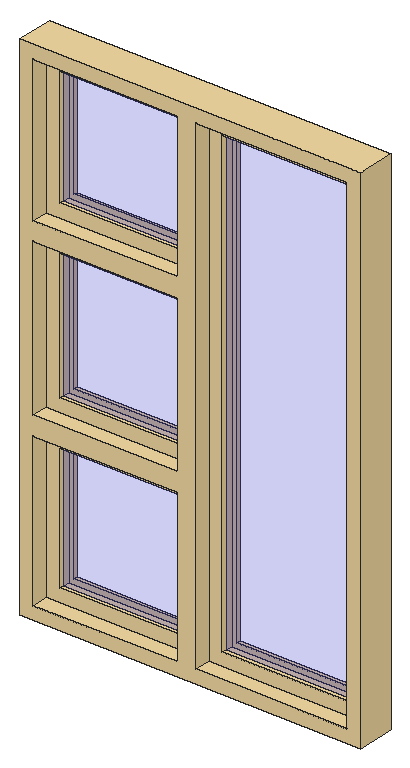
Revit family "4704-COto 62", category Windows, host Wall, Revit 2016
Family settings
  Host = Wall
  OmniClass Number = 23.30.20.00
  OmniClass Title = Windows
  Always vertical = Yes
  Cut with Voids When Loaded = No
  Shared = No
  Room Calculation Point = No
Parameters (values of type "1188x1788mm")
  top 4 [instance] = yes
  top 3 [instance] = yes
  top 2 [instance] = yes
  top 1 [instance] = no
  right 4 [instance] = no
  right 2 [instance] = no
  right 1 [instance] = no
  right 3 [instance] = no
  left 4 [instance] = no
  left 3 [instance] = no
  left 2 [instance] = no
  left 1 [instance] = yes
  Sash 4 [instance] = or(top 4, right 4, left 4)  # yes
  Sash 3 [instance] = or(top 3, right 3, left 3)  # yes
  Sash 2 [instance] = or(top 2, right 2, left 2)  # yes
  Sash 1 [instance] = or(top 1, right 1, left 1)  # yes
  Rough Width = Width + 2 * Joint  # 1212 mm
  Rough Height = Height + 2 * Joint  # 1812 mm
  Offset from wall = 40 mm
  Mullion 3 Placement = 1192 mm
  Mullion 1 Placement = 594 mm
  Mullion 2 Placement = 596 mm
  Manufacturer = "www.kronevinduer.dk"
  Joint = 12 mm
  Height = 1788 mm
  Frame 176mm [instance] = no
  Frame 157mm [instance] = no
  Default Sill Height = 800 mm
  Wall Closure = By host
  Width = 1188 mm
Reference planes
  plane 1 "Center (Front/Back)": y = 0
  plane 2 "Center (Left/Right)": x = 0
  plane 3 "Left": x = -594
  plane 4 "Right": x = 594
  plane 5 "Sill": z = 800
  plane 6 "Head": z = 2588
  plane 7 "Exterior": y = 100
  plane 8 "Interior": y = -100
  plane 9: y = 60
  plane 10: x = 582
  plane 11: x = -582
  plane 12: z = 812
  plane 13: z = 2576
  plane 14: x = -12
  plane 15: z = 1408
  plane 16: x = 285
  plane 17: x = -297
  plane 18: z = 1110
  plane 19: z = 1694
  plane 20: z = 2004
  plane 21: z = 2290
  plane 22: z = 1706
Forms (mm)
  Sweep 1, solid, material "Wood frame"
    path origin (0, 100, 0) x (1, 0, 0) y (0, 0, 1)
      loop
        line (582, 812) -> (582, 2576) -> (-582, 2576) -> (-582, 812) -> (582, 812)
    profile "COto 62 træ-alu,karm- fast glas 45mm : COto 62 træ-alu,karm- fast glas 45mm" origin (0, 100, 812) x (0, 0, -1) y (0, -1, 0)
      loop
        line (0, 170) -> (-45, 170) -> (-45, 99) -> (-27, 99) -> (-27, 51) -> (-45, 51) -> (-45, 40) -> (0, 40) -> (0, 170)
  Sweep 2, solid, material "Wood frame"
    path origin (0, 100, 0) x (1, 0, 0) y (0, 0, 1)
      loop
        line (-12, 812) -> (-12, 2576)
    profile "COto 62 træ-alu, Post-fast glas 63 mm : COto 62 træ-alu, Post-fast glas 63 mm" origin (-12, 100, 1694) x (-1, 0, 0) y (0, -1, 0)
      loop
        line (31.5, 170) -> (-31.5, 170) -> (-31.5, 99) -> (-13.5, 99) -> (-13.5, 51) -> (-31.5, 51) -> (-31.5, 40) -> (31.5, 40) -> (31.5, 51) -> (13.5, 51) -> (13.5, 99) -> (31.5, 99) -> (31.5, 170)
  Extrusion 3, solid, material "Glass"
    sketch origin (594, 0, 0) x (0, -1, 0) y (0, 0, 1)
      loop
        line (-1, 839) -> (-1, 2549) -> (-49, 2549) -> (-49, 839) -> (-1, 839)
    from 39 to 592.5
  Sweep 4, solid, material "Wood frame", visible <- "Sash 1"
    path origin (0, 100, 0) x (1, 0, 0) y (0, 0, 1)
      loop
        line (555, 839) -> (555, 2549) -> (1.5, 2549) -> (1.5, 839) -> (555, 839)
    profile "COto 62 træ-alu,opluk-ramme : COto 62 træ-alu,opluk-ramme" origin (278.25, 100, 839) x (0, 0, -1) y (0, -1, 0)
      loop
        line (0, 99) -> (-18, 99) -> (-18, 114) -> (-63, 114) -> (-63, 99) -> (-45, 99) -> (-45, 51) -> (-63, 51) -> (-63, 40) -> (0, 40) -> (0, 99)
  Sweep 5, solid, material "Wood frame", visible <- "Frame 157mm"
    path origin (0, 100, 0) x (1, 0, 0) y (0, 0, 1)
      loop
        line (582, 812) -> (582, 2576) -> (-582, 2576) -> (-582, 812) -> (582, 812)
    profile "COto 62 træ-alu,karm- fast glas 45mm-157 : COto 62 træ-alu,karm- fast glas 45mm-157" origin (0, 100, 812) x (0, 0, -1) y (0, -1, 0)
      loop
        line (0, 197) -> (-45, 197) -> (-45, 99) -> (-27, 99) -> (-27, 51) -> (-45, 51) -> (-45, 40) -> (0, 40) -> (0, 197)
  Sweep 6, solid, material "Wood frame", visible <- "Frame 157mm"
    path origin (0, 100, 0) x (1, 0, 0) y (0, 0, 1)
      loop
        line (-12, 2576) -> (-12, 812)
    profile "COto 62 træ-alu, Post-fast glas 63 mm-157 : COto 62 træ-alu, Post-fast glas 63 mm-157" origin (-12, 100, 1694) x (1, 0, 0) y (0, -1, 0)
      loop
        line (31.5, 197) -> (-31.5, 197) -> (-31.5, 99) -> (-13.5, 99) -> (-13.5, 51) -> (-31.5, 51) -> (-31.5, 40) -> (31.5, 40) -> (31.5, 51) -> (13.5, 51) -> (13.5, 99) -> (31.5, 99) -> (31.5, 197)
  Sweep 7, solid, material "Wood frame", visible <- "Frame 176mm"
    path origin (0, 100, 0) x (1, 0, 0) y (0, 0, 1)
      loop
        line (582, 812) -> (582, 2576) -> (-582, 2576) -> (-582, 812) -> (582, 812)
    profile "COto 62 træ-alu,karm- fast glas 45mm-176 : COto 62 træ-alu,karm- fast glas 45mm-176" origin (0, 100, 812) x (0, 0, -1) y (0, -1, 0)
      loop
        line (0, 216) -> (-45, 216) -> (-45, 99) -> (-27, 99) -> (-27, 51) -> (-45, 51) -> (-45, 40) -> (0, 40) -> (0, 216)
  Sweep 8, solid, material "Wood frame", visible <- "Frame 176mm"
    path origin (0, 100, 0) x (1, 0, 0) y (0, 0, 1)
      loop
        line (-12, 2576) -> (-12, 812)
    profile "COto 62 træ-alu, Post-fast glas 63 mm-176 : COto 62 træ-alu, Post-fast glas 63 mm-176" origin (-12, 100, 1694) x (1, 0, 0) y (0, -1, 0)
      loop
        line (31.5, 216) -> (-31.5, 216) -> (-31.5, 99) -> (-13.5, 99) -> (-13.5, 51) -> (-31.5, 51) -> (-31.5, 40) -> (31.5, 40) -> (31.5, 51) -> (13.5, 51) -> (13.5, 99) -> (31.5, 99) -> (31.5, 216)
  Sweep 9, solid, material "Wood frame"
    path origin (0, 100, 0) x (1, 0, 0) y (0, 0, 1)
      loop
        line (-12, 1408) -> (-582, 1408)
    profile "COto 62 træ-alu, Post-fast glas 63 mm : COto 62 træ-alu, Post-fast glas 63 mm" origin (-297, 100, 1408) x (0, 0, -1) y (0, -1, 0)
      loop
        line (31.5, 170) -> (-31.5, 170) -> (-31.5, 99) -> (-13.5, 99) -> (-13.5, 51) -> (-31.5, 51) -> (-31.5, 40) -> (31.5, 40) -> (31.5, 51) -> (13.5, 51) -> (13.5, 99) -> (31.5, 99) -> (31.5, 170)
  Extrusion 10, solid, material "Glass"
    sketch origin (594, 0, 0) x (0, -1, 0) y (0, 0, 1)
      loop
        line (-1, 839) -> (-1, 2549) -> (-49, 2549) -> (-49, 839) -> (-1, 839)
    from 619.5 to 1149
  Sweep 11, solid, material "Wood frame", visible <- "Frame 157mm"
    path origin (0, 100, 0) x (1, 0, 0) y (0, 0, 1)
      loop
        line (-12, 1408) -> (-582, 1408)
    profile "COto 62 træ-alu, Post-fast glas 63 mm-157 : COto 62 træ-alu, Post-fast glas 63 mm-157" origin (-297, 100, 1408) x (0, 0, -1) y (0, -1, 0)
      loop
        line (31.5, 197) -> (-31.5, 197) -> (-31.5, 99) -> (-13.5, 99) -> (-13.5, 51) -> (-31.5, 51) -> (-31.5, 40) -> (31.5, 40) -> (31.5, 51) -> (13.5, 51) -> (13.5, 99) -> (31.5, 99) -> (31.5, 197)
  Sweep 12, solid, material "Wood frame", visible <- "Frame 176mm"
    path origin (0, 100, 0) x (1, 0, 0) y (0, 0, 1)
      loop
        line (-12, 1408) -> (-582, 1408)
    profile "COto 62 træ-alu, Post-fast glas 63 mm-176 : COto 62 træ-alu, Post-fast glas 63 mm-176" origin (-297, 100, 1408) x (0, 0, -1) y (0, -1, 0)
      loop
        line (31.5, 216) -> (-31.5, 216) -> (-31.5, 99) -> (-13.5, 99) -> (-13.5, 51) -> (-31.5, 51) -> (-31.5, 40) -> (31.5, 40) -> (31.5, 51) -> (13.5, 51) -> (13.5, 99) -> (31.5, 99) -> (31.5, 216)
  Sweep 13, solid, material "Wood frame", visible <- "Sash 2"
    path origin (0, 100, 0) x (1, 0, 0) y (0, 0, 1)
      loop
        line (-25.5, 839) -> (-25.5, 1394.5) -> (-555, 1394.5) -> (-555, 839) -> (-25.5, 839)
    profile "COto 62 træ-alu,opluk-ramme : COto 62 træ-alu,opluk-ramme" origin (-290.25, 100, 839) x (0, 0, -1) y (0, -1, 0)
      loop
        line (0, 99) -> (-18, 99) -> (-18, 114) -> (-63, 114) -> (-63, 99) -> (-45, 99) -> (-45, 51) -> (-63, 51) -> (-63, 40) -> (0, 40) -> (0, 99)
  Sweep 14, solid, material "Wood frame"
    path origin (0, 100, 0) x (1, 0, 0) y (0, 0, 1)
      loop
        line (-582, 2004) -> (-12, 2004)
    profile "COto 62 træ-alu, Post-fast glas 63 mm : COto 62 træ-alu, Post-fast glas 63 mm" origin (-297, 100, 2004) x (0, 0, 1) y (0, -1, 0)
      loop
        line (31.5, 170) -> (-31.5, 170) -> (-31.5, 99) -> (-13.5, 99) -> (-13.5, 51) -> (-31.5, 51) -> (-31.5, 40) -> (31.5, 40) -> (31.5, 51) -> (13.5, 51) -> (13.5, 99) -> (31.5, 99) -> (31.5, 170)
  Sweep 15, solid, material "Wood frame", visible <- "Frame 157mm"
    path origin (0, 100, 0) x (1, 0, 0) y (0, 0, 1)
      loop
        line (-582, 2004) -> (-12, 2004)
    profile "COto 62 træ-alu, Post-fast glas 63 mm-157 : COto 62 træ-alu, Post-fast glas 63 mm-157" origin (-297, 100, 2004) x (0, 0, 1) y (0, -1, 0)
      loop
        line (31.5, 197) -> (-31.5, 197) -> (-31.5, 99) -> (-13.5, 99) -> (-13.5, 51) -> (-31.5, 51) -> (-31.5, 40) -> (31.5, 40) -> (31.5, 51) -> (13.5, 51) -> (13.5, 99) -> (31.5, 99) -> (31.5, 197)
  Sweep 16, solid, material "Wood frame", visible <- "Frame 176mm"
    path origin (0, 100, 0) x (1, 0, 0) y (0, 0, 1)
      loop
        line (-582, 2004) -> (-12, 2004)
    profile "COto 62 træ-alu, Post-fast glas 63 mm-176 : COto 62 træ-alu, Post-fast glas 63 mm-176" origin (-297, 100, 2004) x (0, 0, 1) y (0, -1, 0)
      loop
        line (31.5, 216) -> (-31.5, 216) -> (-31.5, 99) -> (-13.5, 99) -> (-13.5, 51) -> (-31.5, 51) -> (-31.5, 40) -> (31.5, 40) -> (31.5, 51) -> (13.5, 51) -> (13.5, 99) -> (31.5, 99) -> (31.5, 216)
  Sweep 17, solid, material "Wood frame", visible <- "Sash 3"
    path origin (0, 100, 0) x (1, 0, 0) y (0, 0, 1)
      loop
        line (-25.5, 1421.5) -> (-25.5, 1990.5) -> (-555, 1990.5) -> (-555, 1421.5) -> (-25.5, 1421.5)
    profile "COto 62 træ-alu,opluk-ramme : COto 62 træ-alu,opluk-ramme" origin (-290.25, 100, 1421.5) x (0, 0, -1) y (0, -1, 0)
      loop
        line (0, 99) -> (-18, 99) -> (-18, 114) -> (-63, 114) -> (-63, 99) -> (-45, 99) -> (-45, 51) -> (-63, 51) -> (-63, 40) -> (0, 40) -> (0, 99)
  Sweep 18, solid, material "Wood frame", visible <- "Sash 4"
    path origin (0, 100, 0) x (1, 0, 0) y (0, 0, 1)
      loop
        line (-25.5, 2017.5) -> (-25.5, 2549) -> (-555, 2549) -> (-555, 2017.5) -> (-25.5, 2017.5)
    profile "COto 62 træ-alu,opluk-ramme : COto 62 træ-alu,opluk-ramme" origin (-290.25, 100, 2017.5) x (0, 0, -1) y (0, -1, 0)
      loop
        line (0, 99) -> (-18, 99) -> (-18, 114) -> (-63, 114) -> (-63, 99) -> (-45, 99) -> (-45, 51) -> (-63, 51) -> (-63, 40) -> (0, 40) -> (0, 99)
Cuts and joins
  joined: Sweep 1, Sweep 2, Sweep 9, Sweep 14
  joined: Sweep 5, Sweep 6, Sweep 11, Sweep 15
  joined: Sweep 7, Sweep 8, Sweep 12, Sweep 16
Lines and regions (mm)
  Opening 1
    outline origin (3500, -100, 0) x (1, 0, 0) y (0, 0, 1)
      loop
        line (-2906, 800) -> (-2906, 2588) -> (-4094, 2588) -> (-4094, 800) -> (-2906, 800)
  symbolic lines, visible <- "top 1"
    curve 1: line (555, 100, 2549) -> (285, 100, 839)
    curve 2: line (285, 100, 839) -> (1.5, 100, 2549)
  symbolic lines, visible <- "left 1"
    curve 3: line (555, 100, 2549) -> (1.5, 100, 1694)
    curve 4: line (1.5, 100, 1694) -> (555, 100, 839)
  symbolic lines, visible <- "right 1"
    curve 5: line (1.5, 100, 2549) -> (555, 100, 1694)
    curve 6: line (555, 100, 1694) -> (1.5, 100, 839)
  symbolic lines, visible <- "top 2"
    curve 7: line (-25.5, 100, 1394.5) -> (-297, 100, 839)
    curve 8: line (-297, 100, 839) -> (-555, 100, 1394.5)
  symbolic lines, visible <- "right 2"
    curve 9: line (-555, 100, 1394.5) -> (-25.5, 100, 1116.75)
    curve 10: line (-25.5, 100, 1116.75) -> (-555, 100, 839)
  symbolic lines, visible <- "left 2"
    curve 11: line (-25.5, 100, 1394.5) -> (-555, 100, 1110)
    curve 12: line (-555, 100, 1110) -> (-25.5, 100, 839)
  symbolic lines, visible <- "top 4"
    curve 13: line (-25.5, 100, 2549) -> (-297, 100, 2017.5)
    curve 14: line (-297, 100, 2017.5) -> (-555, 100, 2549)
  symbolic lines, visible <- "top 3"
    curve 15: line (-25.5, 100, 1990.5) -> (-297, 100, 1421.5)
    curve 16: line (-297, 100, 1421.5) -> (-555, 100, 1990.5)
  symbolic lines, visible <- "left 4"
    curve 17: line (-25.5, 100, 2549) -> (-555, 100, 2290)
    curve 18: line (-555, 100, 2290) -> (-25.5, 100, 2017.5)
  symbolic lines, visible <- "right 4"
    curve 19: line (-555, 100, 2549) -> (-25.5, 100, 2290)
    curve 20: line (-25.5, 100, 2290) -> (-555, 100, 2017.5)
  symbolic lines, visible <- "right 3"
    curve 21: line (-555, 100, 1990.5) -> (-25.5, 100, 1706)
    curve 22: line (-25.5, 100, 1706) -> (-555, 100, 1421.5)
  symbolic lines, visible <- "left 3"
    curve 23: line (-25.5, 100, 1990.5) -> (-555, 100, 1706)
    curve 24: line (-555, 100, 1706) -> (-25.5, 100, 1421.5)
Text (mm)
  text "EXTERIOR" at (-1963.203, 1332.353, 0), in view "Ref. Level"
  text "INTERIOR" at (-1981.466, -818.386, 0), in view "Ref. Level"
  text "Exterior" at (0, 923.751, 2943.296), in view "Right"
  text "Exterior" at (0, 1040.484, 2685.409), in view "Left"
Dimensions and locks
  equal spacing: plane 3 "Left", plane 2 "Center (Left/Right)", plane 4 "Right"
  "Width": plane 3 "Left" to plane 4 "Right"
  "Height": plane 5 "Sill" to plane 6 "Head"
  "Default Sill Height": plane 5 "Sill" to level
  locked: plane 7 "Exterior" to host wall at 0
  locked: plane 8 "Interior" to host wall
  "Joint": plane 13 to plane 6 "Head"
  "Joint": plane 5 "Sill" to plane 12
  "Joint": plane 3 "Left" to plane 11
  "Joint": plane 10 to plane 4 "Right"
  "Offset from wall": plane 9 to plane 7 "Exterior"
  "Mullion 1 Placement": plane 14 to plane 10
  "Mullion 2 Placement": plane 12 to plane 15
  equal spacing: plane 14, plane 16, plane 10
  equal spacing: plane 12, plane 18, plane 15
  equal spacing: plane 11, plane 17, plane 14
  equal spacing: plane 12, plane 19, plane 13
  "Mullion 3 Placement": plane 12 to plane 20
  equal spacing: plane 20, plane 21, plane 13
  equal spacing: plane 15, plane 22, plane 20
  aligned and locked: plane 12 to Sweep 1 sketch curve
  aligned and locked: plane 10 to Sweep 1 sketch curve
  aligned and locked: Sweep 1 sketch curve to plane 13
  aligned and locked: Sweep 1 sketch curve to plane 11
  aligned and locked: Extrusion 3 sketch curve to cut or joined group of Sweep 1, Sweep 2, Sweep 9, Sweep 14  (x2)
  aligned and locked: Extrusion 3 to cut or joined group of Sweep 1, Sweep 2, Sweep 9, Sweep 14  (x4)
  aligned and locked: Sweep 4 sketch curve to cut or joined group of Sweep 1, Sweep 2, Sweep 9, Sweep 14  (x2)
  aligned and locked: cut or joined group of Sweep 1, Sweep 2, Sweep 9, Sweep 14 to Sweep 4 sketch curve  (x2)
  aligned and locked: Sweep 5 sketch curve to cut or joined group of Sweep 1, Sweep 2, Sweep 9, Sweep 14  (x4)
  aligned and locked: Sweep 7 sketch curve to cut or joined group of Sweep 1, Sweep 2, Sweep 9, Sweep 14  (x4)
  aligned and locked: Extrusion 10 sketch curve to cut or joined group of Sweep 1, Sweep 2, Sweep 9, Sweep 14  (x2)
  aligned and locked: Extrusion 10 to cut or joined group of Sweep 1, Sweep 2, Sweep 9, Sweep 14  (x4)
  aligned and locked: cut or joined group of Sweep 1, Sweep 2, Sweep 9, Sweep 14 to Sweep 13 sketch curve  (x2)
  aligned and locked: Sweep 13 sketch curve to cut or joined group of Sweep 1, Sweep 2, Sweep 9, Sweep 14  (x2)
  aligned and locked: Sweep 17 sketch curve to cut or joined group of Sweep 1, Sweep 2, Sweep 9, Sweep 14  (x2)
  aligned and locked: cut or joined group of Sweep 1, Sweep 2, Sweep 9, Sweep 14 to Sweep 17 sketch curve  (x2)
  aligned and locked: Sweep 18 sketch curve to cut or joined group of Sweep 1, Sweep 2, Sweep 9, Sweep 14  (x3)
  aligned and locked: cut or joined group of Sweep 1, Sweep 2, Sweep 9, Sweep 14 to Sweep 18 sketch curve
Automatic sketch dimensions
  Opening 1 sketch curve to plane 3 "Left" = 0 mm
  Opening 1 sketch curve to plane 4 "Right" = 0 mm
  Opening 1 sketch curve to plane 5 "Sill" = 0 mm
  Opening 1 sketch curve to plane 6 "Head" = 0 mm
  Sweep 2 sketch curve to plane 13 = 0 mm
  plane 14 to Sweep 2 sketch curve = 0 mm
  Sweep 2 sketch curve to plane 12 = 0 mm
  Extrusion 3 sketch curve to plane 5 "Sill" = 39 mm
  plane 6 "Head" to Extrusion 3 sketch curve = 39 mm
  Sweep 6 sketch curve to plane 12 = 0 mm
  plane 14 to Sweep 6 sketch curve = 0 mm
  Sweep 6 sketch curve to plane 13 = 0 mm
  Sweep 8 sketch curve to plane 12 = 0 mm
  plane 14 to Sweep 8 sketch curve = 0 mm
  Sweep 8 sketch curve to plane 13 = 0 mm
  plane 11 to Sweep 9 sketch curve = 0 mm
  plane 14 to Sweep 9 sketch curve = 0 mm
  Sweep 9 sketch curve to plane 15 = 0 mm
  Extrusion 10 sketch curve to plane 5 "Sill" = 39 mm
  plane 6 "Head" to Extrusion 10 sketch curve = 39 mm
  plane 11 to Sweep 11 sketch curve = 0 mm
  plane 14 to Sweep 11 sketch curve = 0 mm
  Sweep 11 sketch curve to plane 15 = 0 mm
  plane 11 to Sweep 12 sketch curve = 0 mm
  plane 14 to Sweep 12 sketch curve = 0 mm
  Sweep 12 sketch curve to plane 15 = 0 mm
  plane 11 to Sweep 14 sketch curve = 0 mm
  plane 14 to Sweep 14 sketch curve = 0 mm
  Sweep 14 sketch curve to plane 20 = 0 mm
  plane 11 to Sweep 15 sketch curve = 0 mm
  plane 14 to Sweep 15 sketch curve = 0 mm
  Sweep 15 sketch curve to plane 20 = 0 mm
  plane 11 to Sweep 16 sketch curve = 0 mm
  plane 14 to Sweep 16 sketch curve = 0 mm
  Sweep 16 sketch curve to plane 20 = 0 mm
  curve 18 to plane 21 = 0 mm
  curve 23 to plane 22 = 0 mm
  curve 12 to plane 18 = 0 mm
  plane 17 to curve 8 = 0 mm
  plane 17 to curve 15 = 0 mm
  plane 17 to curve 14 = 0 mm
  curve 20 to plane 21 = 0 mm
  curve 21 to plane 22 = 0 mm
  curve 3 to plane 19 = 0 mm
  plane 16 to curve 2 = 0 mm
  curve 6 to plane 19 = 0 mm
  curve 8 to plane 11 = 27 mm
  curve 17 to plane 11 = 27 mm
  curve 19 to plane 11 = 27 mm
  curve 11 to plane 11 = 27 mm
  curve 21 to plane 11 = 27 mm
  plane 14 to curve 20 = 13.5 mm
  plane 14 to curve 21 = 13.5 mm
  plane 14 to curve 11 = 13.5 mm
  plane 14 to curve 10 = 13.5 mm
  plane 14 to curve 15 = 13.5 mm
  plane 14 to curve 17 = 13.5 mm
  curve 2 to plane 14 = 13.5 mm
  curve 3 to plane 14 = 13.5 mm
  plane 10 to curve 6 = 27 mm
  plane 10 to curve 3 = 27 mm
  plane 12 to curve 7 = 27 mm
  plane 12 to curve 2 = 27 mm
  curve 9 to plane 18 = 6.75 mm
  curve 7 to plane 15 = 13.5 mm
  curve 9 to plane 15 = 13.5 mm
  plane 15 to curve 15 = 13.5 mm
  plane 20 to curve 15 = 13.5 mm
  plane 20 to curve 21 = 13.5 mm
  curve 14 to plane 20 = 13.5 mm
  curve 3 to plane 13 = 27 mm
  curve 13 to plane 13 = 27 mm
  curve 2 to curve 13 = 0 mm
  curve 14 to plane 13 = 27 mm
  curve 10 to plane 11 = 27 mm
  curve 20 to plane 11 = 27 mm
  curve 22 to curve 8 = 0 mm
  curve 23 to plane 11 = 27 mm
  plane 14 to curve 24 = 13.5 mm
  plane 14 to curve 12 = 13.5 mm
  plane 14 to curve 18 = 13.5 mm
  curve 6 to plane 14 = 13.5 mm
  plane 10 to curve 4 = 27 mm
  plane 12 to curve 4 = 27 mm
  plane 12 to curve 10 = 27 mm
  plane 12 to curve 6 = 27 mm
  curve 12 to curve 6 = 0 mm
  plane 15 to curve 24 = 13.5 mm
  plane 15 to curve 22 = 13.5 mm
  curve 20 to plane 20 = 13.5 mm
  curve 18 to plane 20 = 13.5 mm
